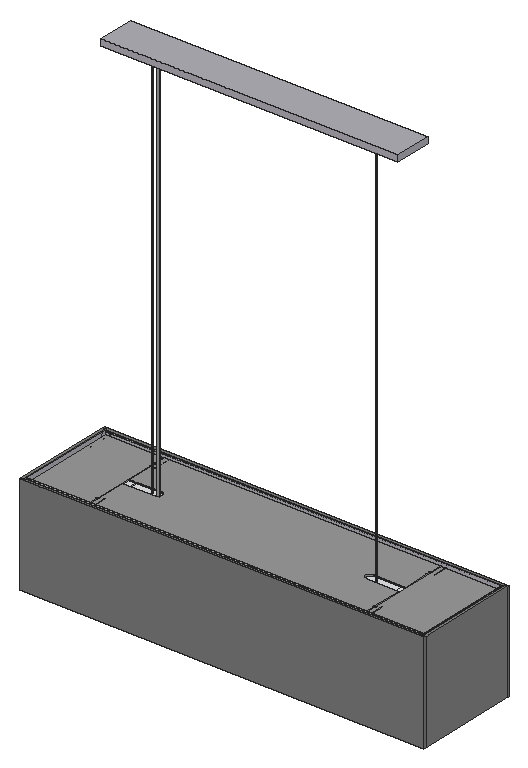
Revit family "Lighting - Lumetta - Pendant - P1248A", category Lighting Fixtures, host Ceiling, Revit 2015
Parameters
  Wattage = 12.1178 W
  built-in parameter 1150110 = 1 (stored number, unit not read)
  URL = "https://lumetta.com/luminaires/linear-acoustic-streamline-48-pendant/"
  built-in parameter 1114217 = 1 (stored number, unit not read)
  Top Lens-Material [instance] = Acrylic - 2447 - White
  Top Lens [instance] = yes
  built-in parameter 1150109 = 1 (stored number, unit not read)
  built-in parameter 1150134 = (empty or 0)
  Suspension [instance] = 1
  built-in parameter 1150113 = 1 (stored number, unit not read)
  P1248A URL [instance] = "https://lumetta.com/luminaires/linear-acoustic-streamline-48-pendant/"
  Model = "P1248A"  # constant formula
  Manufacturer = "Lumetta, Inc."  # constant formula
  Lumens = 1800 lm
  built-in parameter 1150115 = 1 (stored number, unit not read)
  built-in parameter 1150105 = 143.24 (stored number, unit not read)
  Light Source Symbol Size = 0' - 1"
  built-in parameter 1150137 = (empty or 0)
  built-in parameter 1150139 = (empty or 0)
  built-in parameter 1150112 = 1 (stored number, unit not read)
  built-in parameter 1150114 = 1 (stored number, unit not read)
  built-in parameter 1150132 = 2
  built-in parameter 1150102 = (empty or 0)
  built-in parameter 1150138 = (empty or 0)
  built-in parameter 1150107 = 3000 (stored number, unit not read)
  built-in parameter 1150106 = 1.4324 (stored number, unit not read)
  Frame Finish [instance] = Paint - Lumetta - F02 - PC_Chrome
  Fixture Drop [instance] = 4' - 0"
  Emit from Line Length = 2' - 10"
  built-in parameter 1150104 = 13.8 (stored number, unit not read)
  Dimming Lamp Color Temperature Shift = (empty or 0)
  Diffuser Material-Shade 2 [instance] = Shade - Lumetta - D802 - AC Marble
  Diffuser Material-Shade 1 [instance] = Shade - Lumetta - D811-AC-Periwinkle
  Description = "Linear Acoustic Streamline 48'' Pendant"  # constant formula
  Coupling-Stems over 60 inches [instance] = and([2 Stems], Fixture Drop > 5' 0")  # no
  Cord Color [instance] = Cord, Black
  Cone Nut-STD-2-3Wire [instance] = Suspension = 1  # yes
  Color Filter = 16777215
  Bushing-LED-4Wire [instance] = Suspension = 2  # no
  Bottom Lens-Material [instance] = Acrylic - P95 - Etched White
  Bottom Lens [instance] = yes
  built-in parameter 1114218 = 1 (stored number, unit not read)
  built-in parameter 1150133 = 10 (stored number, unit not read)
  2 Stems [instance] = Suspension = 3  # no
  1CRD-2CBL-LED-4Wire [instance] = or(Suspension = 1, Suspension = 2)  # yes
  1 CRD-2CBL-STD [instance] = or(Suspension = 1, Suspension = 2)  # yes
Reference planes (in)
  plane 1 "Light Source Axis (F/B)": y = 0
  plane 2 "Ceiling": z = 96.01773
  plane 3 "Light Source Axis (L/R)": x = 0
  plane 4 "Light Source Elevation": z = 45.39273
  plane 5 "Fixture-Top": z = 48.01773
  plane 6 "Fixture-Height": z = 36.01773
  plane 7 "Left-Wrap": x = -14.25
  plane 8 "Right-Wrap": x = 14.25
  plane 9 "Lamping Start": z = 47.38052
  plane 10 "Left Stem": x = -14.25
  plane 11 "Right Stem": x = 14.25
  plane 12: x = -12.75
  plane 13: x = 12.75
  plane 14 "Right XBar": x = 16.6875
  plane 15 "Left XBar": x = -16.6875
  plane 16 "Left Cable": x = -13.5
  plane 17 "Right Cable": x = 13.5
  plane 18 "Frame Length-Left": x = -24
  plane 19 "Frame Length-Right": x = 24
  plane 20 "Frame Width-TOP": y = 6
  plane 21 "Frame Width-BTM": y = -6
  plane 22 "Outer Frame-Left": x = -42
  plane 23 "Outer Frame-Right": x = 42
  plane 24 "Outer Frame-Top": y = 18
  plane 25 "Outer Frame-BTM": y = -18
Forms (in)
  Extrusion 1, solid, material "Paint - Lumetta - F02 - PC_Chrome" <- "Frame Finish"
    sketch origin (0, 0, 96.01773) x (1, 0, 0) y (0, 1, 0)
      loop
        line (-17.875, -2.25) -> (17.875, -2.25) -> (17.875, 2.25) -> (-17.875, 2.25) -> (-17.875, -2.25)
    from 0 to -0.75
  Extrusion 2, solid, material "Paint - Lumetta - F02 - PC_Chrome" <- "Frame Finish"
    sketch origin (0, 0, 48.01773) x (0, -1, 0) y (1, 0, 0)
      loop
        line (-6, -24) -> (6, -24) -> (6, 24) -> (-6, 24) -> (-6, -24)
      loop
        line (-5.5, -23.5) -> (5.5, -23.5) -> (5.5, 23.5) -> (-5.5, 23.5) -> (-5.5, -23.5)
    from 0 to -0.63721
  Extrusion 3, void
    sketch origin (0, 0, 48.01773) x (0, -1, 0) y (1, 0, 0)
      loop
        line (-5.875, -23.875) -> (5.875, -23.875) -> (5.875, 23.875) -> (-5.875, 23.875) -> (-5.875, -23.875)
      loop
        line (-5.5, -23.375) -> (5.5, -23.375) -> (5.5, 23.375) -> (-5.5, 23.375) -> (-5.5, -23.375)
    from 0 to -0.51221
  Extrusion 4, solid, material "Paint - Lumetta - F02 - PC_Chrome" <- "Frame Finish"
    sketch origin (0, 0, 36.01773) x (-1, 0, 0) y (0, -1, 0)
      loop
        line (24, -6) -> (24, 6) -> (-24, 6) -> (-24, -6) -> (24, -6)
      loop
        line (23.5, -5.5) -> (23.5, 5.5) -> (-23.5, 5.5) -> (-23.5, -5.5) -> (23.5, -5.5)
    from 0 to 0.61415
  Extrusion 5, void
    sketch origin (0, 0, 36.01773) x (-1, 0, 0) y (0, -1, 0)
      loop
        line (23.875, -5.875) -> (23.875, 5.875) -> (-23.875, 5.875) -> (-23.875, -5.875) -> (23.875, -5.875)
      loop
        line (23.375, -5.5) -> (23.375, 5.5) -> (-23.5, 5.5) -> (-23.5, -5.5) -> (23.375, -5.5)
    from 0.11313 to 0.64163
  Extrusion 6, solid, material "Paint - Lumetta - F02 - PC_Chrome" <- "Frame Finish"
    sketch origin (0, 0, 36.01773) x (0, -1, 0) y (1, 0, 0)
      loop
        line (-6, 24) -> (-6, 23.375) -> (-5.875, 23.375) -> (-5.875, 23.875) -> (-5.375, 23.875) -> (-5.375, 24) -> (-6, 24)
      loop
        line (-6, -24) -> (-5.375, -24) -> (-5.375, -23.875) -> (-5.875, -23.875) -> (-5.875, -23.375) -> (-6, -23.375) -> (-6, -24)
      loop
        line (6, -24) -> (6, -23.375) -> (5.875, -23.375) -> (5.875, -23.875) -> (5.375, -23.875) -> (5.375, -24) -> (6, -24)
      loop
        line (6, 24) -> (5.375, 24) -> (5.375, 23.875) -> (5.875, 23.875) -> (5.875, 23.375) -> (6, 23.375) -> (6, 24)
    from 0 to 12
  Extrusion 7, solid, material "Paint - Lumetta - F02 - PC_Chrome" <- "Frame Finish"
    sketch origin (0, 0, 48.01773) x (0, -1, 0) y (1, 0, 0)
      loop
        line (-3.7499, -17.1875) -> (-3.7499, -16.1875) -> (-5.9219, -16.1875) -> (-5.9219, -17.1875) -> (-3.7499, -17.1875)
      loop
        line (-3.7499, 17.1875) -> (-5.9219, 17.1875) -> (-5.9219, 16.1875) -> (-3.7499, 16.1875) -> (-3.7499, 17.1875)
      loop
        circle (-4.2499, -16.6875) r 0.10889
      loop
        circle (-4.2499, 16.6875) r 0.10785
      loop
        line (3.7499, -17.1875) -> (5.9219, -17.1875) -> (5.9219, -16.1875) -> (3.7499, -16.1875) -> (3.7499, -17.1875)
      loop
        line (3.7499, 17.1875) -> (3.7499, 16.1875) -> (5.9219, 16.1875) -> (5.9219, 17.1875) -> (3.7499, 17.1875)
      loop
        circle (4.2499, -16.6875) r 0.10889
      loop
        circle (4.2499, 16.6875) r 0.10785
    from -0.4375 to -0.5
  Extrusion 8, solid, material "Paint - Lumetta - F02 - PC_Chrome" <- "Frame Finish"
    sketch origin (0, 0, 96.01773) x (1, 0, 0) y (0, 1, 0)
      loop
        circle (-10, 0) r 0.31122
      loop
        circle (10, 0) r 0.31356
    from -0.8125 to -1.1875
  Extrusion 9, solid, material "Paint - Lumetta - F02 - PC_Chrome" <- "Frame Finish", visible <- "2 Stems"
    sketch origin (18, 0.5, 96.01773) x (1, 0, 0) y (0, 1, 0)
      loop
        line (-36, -2.875) -> (0, -2.875) -> (0, 1.875) -> (-36, 1.875) -> (-36, -2.875)
    from -0.8125 to -0.75
  Revolve 10, solid, material "Paint - Lumetta - F02 - PC_Chrome" <- "Frame Finish", visible <- "Cone Nut-STD-2-3Wire"
    sketch origin (0, 0, 0) x (1, 0, 0) y (0, 0, 1)
      loop
        line (-12.75, 95.20523) -> (-12.75, 94.70523) -> (-12.46878, 94.70523) -> (-12.37659, 95.20523) -> (-12.75, 95.20523)
      axis (-12.75, 94.70523) -> (-12.75, 95.20523)
    angle from 0 to 360
  Extrusion 11, solid, material "Paint - Lumetta - F11 - PC_White"
    sketch origin (0, 0, 24.01773) x (0, -1, 0) y (1, 0, 0)
      loop
        line (-4.88315, -17.3125) -> (4.86685, -17.3125) -> (4.86685, -16.0625) -> (-4.88315, -16.0625) -> (-4.88315, -17.3125)
      loop
        line (-4.88315, 16.0625) -> (4.86685, 16.0625) -> (4.86685, 17.3125) -> (-4.88315, 17.3125) -> (-4.88315, 16.0625)
      loop
        circle (-4.25033, -16.6875) r 0.10889
      loop
        circle (4.25033, -16.6875) r 0.10889
      loop
        circle (4.2499, 16.6875) r 0.10785
      loop
        circle (-4.2499, 14.25) r 0.10785
    from 23.36279 to 23.24028
  Extrusion 12, solid, material "Paint - Lumetta - F11 - PC_White"
    sketch origin (0, 0, 47.38052) x (-1, 0, 0) y (0, -1, 0)
      loop
        line (18.1875, -1.54) -> (18.1875, 1.54) -> (-18.1875, 1.54) -> (-18.1875, -1.54) -> (18.1875, -1.54)
    from -0.1225 to -1.375
  Extrusion 13, solid, material "Cord, Black" <- "Cord Color", visible <- "1 CRD-2CBL-STD"
    sketch origin (0, 0, 96.01773) x (1, 0, 0) y (0, 1, 0)
      loop
        circle (-12.75, 0) r 0.1566
    from -0.75 to -48.63721
  Extrusion 14, solid, material "Steel, Galvanized", visible <- "1 CRD-2CBL-STD"
    sketch origin (0, 0, 96.01773) x (1, 0, 0) y (0, 1, 0)
      loop
        circle (-13.5, 0) r 0.03252
      loop
        circle (13.5, 0) r 0.03265
    from -0.75 to -48.63721
  Extrusion 15, solid, material "Paint - Lumetta - F02 - PC_Chrome" <- "Frame Finish", visible <- "2 Stems"
    sketch origin (0, 0, 96.01773) x (1, 0, 0) y (0, 1, 0)
      loop
        circle (-14.25, 0) r 0.25
      loop
        circle (14.25, 0) r 0.25
    from 0 to -48.63721
  Revolve 16, solid, material "Paint - Lumetta - F02 - PC_Chrome" <- "Frame Finish", visible <- "2 Stems"
    sketch origin (0, 0, 0) x (1, 0, 0) y (0, 0, 1)
      loop
        line (-14.25, 95.04898) -> (-13.95148, 95.04898)
        arc (-13.95148, 95.04898) -> (-13.71866, 95.4096) -> (-13.64788, 95.83298) r 1.06037
        line (-13.64788, 95.83298) -> (-14.25, 95.83298) -> (-14.25, 95.04898)
      axis (-14.25, 95.04898) -> (-14.25, 95.83298)
    angle from 0 to 360
  Revolve 17, solid, material "Paint - Lumetta - F02 - PC_Chrome" <- "Frame Finish", visible <- "Coupling-Stems over 60 inches"
    sketch origin (0, 0, 0) x (1, 0, 0) y (0, 0, 1)
      loop
        line (-14.25, 108.01773) -> (-13.95764, 108.01773)
        arc (-13.95764, 108.01773) -> (-13.90786, 108.0585) -> (-13.93801, 108.11534) r 0.05078
        arc (-13.93801, 108.11534) -> (-13.90686, 108.28335) -> (-13.93801, 108.45137) r 0.46875
        arc (-13.93801, 108.45137) -> (-13.90786, 108.50821) -> (-13.95764, 108.54898) r 0.05078
        line (-13.95764, 108.54898) -> (-14.25, 108.54898) -> (-14.25, 108.01773)
      axis (-14.25, 108.54898) -> (-14.25, 108.01773)
    angle from 0 to 360
  Revolve 18, solid, material "Paint - Lumetta - F02 - PC_Chrome" <- "Frame Finish", visible <- "Coupling-Stems over 60 inches"
    sketch origin (0, 0, 0) x (-1, 0, 0) y (0, 0, 1)
      loop
        line (-14.25, 108.01773) -> (-13.9562, 108.01773)
        arc (-13.9562, 108.01773) -> (-13.90642, 108.0585) -> (-13.93657, 108.11534) r 0.05078
        arc (-13.93657, 108.11534) -> (-13.90542, 108.28335) -> (-13.93657, 108.45137) r 0.46875
        arc (-13.93657, 108.45137) -> (-13.90642, 108.50821) -> (-13.9562, 108.54898) r 0.05078
        line (-13.9562, 108.54898) -> (-14.25, 108.54898) -> (-14.25, 108.01773)
      axis (-14.25, 108.54898) -> (-14.25, 108.01773)
    angle from 0 to 360
  Revolve 19, solid, material "Paint - Lumetta - F02 - PC_Chrome" <- "Frame Finish", visible <- "2 Stems"
    sketch origin (0, 0, 0) x (-1, 0, 0) y (0, 0, 1)
      loop
        line (-14.25, 95.04898) -> (-13.95148, 95.04898)
        arc (-13.95148, 95.04898) -> (-13.70187, 95.31397) -> (-13.64788, 95.67398) r 0.60938
        line (-13.64788, 95.67398) -> (-14.25, 95.67398) -> (-14.25, 95.04898)
      axis (-14.25, 95.04898) -> (-14.25, 95.67398)
    angle from 0 to 360
  Extrusion 20, solid, material "Paint - Lumetta - F02 - PC_Chrome" <- "Frame Finish", visible <- "Bushing-LED-4Wire"
    sketch origin (0, 0, 96.01773) x (1, 0, 0) y (0, 1, 0)
      loop
        circle (-12.75, 0) r 0.37341
      loop
        circle (-12.75, 0) r 0.25
    from -0.91406 to -0.8125
  Extrusion 21, solid, material "Acrylic - 2447 - White" <- "Top Lens-Material", visible <- "Top Lens"
    sketch origin (0, 0, 48.01773) x (0, -1, 0) y (1, 0, 0)
      loop
        line (-5.75, -23.75) -> (5.75, -23.75) -> (5.75, -16.75) -> (4.42172, -16.75)
        arc (4.42172, -16.75) -> (4.25, -16.87024) -> (4.07828, -16.75) r 0.18274
        line (4.07828, -16.75) -> (-4.07828, -16.75)
        arc (-4.07828, -16.75) -> (-4.25, -16.87024) -> (-4.42172, -16.75) r 0.18274
        line (-4.42172, -16.75) -> (-5.75, -16.75) -> (-5.75, -23.75)
      loop
        line (-5.75, -16.625) -> (-4.42172, -16.625)
        arc (-4.42172, -16.625) -> (-4.25, -16.50476) -> (-4.07828, -16.625) r 0.18274
        line (-4.07828, -16.625) -> (-0.5, -16.625) -> (-0.5, -12.75)
        arc (-0.5, -12.75) -> (0, -12.25) -> (0.5, -12.75) r 0.5
        line (0.5, -12.75) -> (0.5, -16.625) -> (4.07828, -16.625)
        arc (4.07828, -16.625) -> (4.25, -16.50476) -> (4.42172, -16.625) r 0.18274
        line (4.42172, -16.625) -> (5.75, -16.625) -> (5.75, 16.625) -> (4.42172, 16.625)
        arc (4.42172, 16.625) -> (4.25, 16.50476) -> (4.07828, 16.625) r 0.18274
        line (4.07828, 16.625) -> (0.5, 16.625) -> (0.5, 12.75)
        arc (0.5, 12.75) -> (0, 12.25) -> (-0.5, 12.75) r 0.5
        line (-0.5, 12.75) -> (-0.5, 16.625) -> (-4.07828, 16.625)
        arc (-4.07828, 16.625) -> (-4.25, 16.50476) -> (-4.42172, 16.625) r 0.18274
        line (-4.42172, 16.625) -> (-5.75, 16.625) -> (-5.75, -16.625)
      loop
        line (-5.75, 23.75) -> (-5.75, 16.75) -> (-4.42172, 16.75)
        arc (-4.42172, 16.75) -> (-4.25, 16.87024) -> (-4.07828, 16.75) r 0.18274
        line (-4.07828, 16.75) -> (4.07828, 16.75)
        arc (4.07828, 16.75) -> (4.25, 16.87024) -> (4.42172, 16.75) r 0.18274
        line (4.42172, 16.75) -> (5.75, 16.75) -> (5.75, 23.75) -> (-5.75, 23.75)
    from -0.51221 to -0.38301
  Extrusion 22, solid, material "Acrylic - P95 - Etched White" <- "Bottom Lens-Material", visible <- "Bottom Lens"
    sketch origin (0, 0, 36.01773) x (-1, 0, 0) y (0, -1, 0)
      loop
        line (23.75, -5.75) -> (23.75, 5.75) -> (-23.75, 5.75) -> (-23.75, -5.75) -> (23.75, -5.75)
    from 0.0625 to 0.1875
  Extrusion 23, solid, material "Shade - Lumetta - D811-AC-Periwinkle" <- "Diffuser Material-Shade 1"
    sketch origin (0, 0, 48.01773) x (0, -1, 0) y (1, 0, 0)
      loop
        line (-6.375, -24.375) -> (-6.1875, -24.375) -> (-6.1875, -24) -> (-6, -24) -> (-6, 24) -> (-6.1875, 24) -> (-6.1875, 24.375) -> (-6.375, 24.375) -> (-6.375, -24.375)
      loop
        line (6.375, -24.375) -> (6.375, 24.375) -> (6.1875, 24.375) -> (6.1875, 24) -> (6, 24) -> (6, -24) -> (6.1875, -24) -> (6.1875, -24.375) -> (6.375, -24.375)
    from -12 to 0
  Extrusion 24, solid, material "Shade - Lumetta - D802 - AC Marble" <- "Diffuser Material-Shade 2"
    sketch origin (0, 0, 48.01773) x (0, -1, 0) y (1, 0, 0)
      loop
        line (-6.1875, -24.375) -> (6.1875, -24.375) -> (6.1875, -24) -> (-6.1875, -24) -> (-6.1875, -24.375)
      loop
        line (-6.1875, 24.375) -> (-6.1875, 24) -> (6.1875, 24) -> (6.1875, 24.375) -> (-6.1875, 24.375)
    from -12 to 0
Cuts and joins
  Extrusion 3, Extrusion 5 cuts Extrusion 2
  Extrusion 5 cuts Extrusion 4
Dimensions and locks (in)
  equal spacing: host sketch curve, plane 3 "Light Source Axis (L/R)", host sketch curve
  equal spacing: host sketch curve, plane 1 "Light Source Axis (F/B)", host sketch curve
  host sketch curve to host sketch curve = 10' - 0"  (x2)
  locked: plane 5 "Fixture-Top" to plane 4 "Light Source Elevation" at 2.625
  "Fixture Drop": plane 2 "Ceiling" to plane 5 "Fixture-Top"
  plane 5 "Fixture-Top" to plane 6 "Fixture-Height" = 1' - 0"
  locked: Extrusion 9 to Revolve 10 sketch curve at 0.5
  locked: Extrusion 11 sketch curve to Extrusion 11 sketch curve at 1.25  (x2)
  plane 1 "Light Source Axis (F/B)" to Extrusion 11 sketch curve = 0' - 4.88315"
  Extrusion 11 sketch curve to Extrusion 11 sketch curve = 0' - 9 3/4"
  locked: imposter light to Extrusion 12 sketch curve at 1.54
  locked: plane 1 "Light Source Axis (F/B)" to Extrusion 12 sketch curve at 1.54
  locked: Extrusion 9 to Revolve 16 sketch curve at 0.15625
  Revolve 17 sketch curve to level = 9' - 0.01773"
  locked: Revolve 17 sketch curve to Revolve 17 sketch curve at 0.53125
  locked: Revolve 17 sketch curve to Revolve 17 sketch curve at 0.26563
  locked: Revolve 17 sketch curve to Revolve 17 sketch curve at 0.05078  (x2)
  locked: Revolve 18 sketch curve to Revolve 18 sketch curve at 0.53125
  locked: Revolve 18 sketch curve to Revolve 18 sketch curve at 0.26563
  locked: Revolve 18 sketch curve to Revolve 18 sketch curve at 0.05078  (x2)
  locked: Extrusion 20 sketch curve to plane 3 "Light Source Axis (L/R)" at 12.75  (x2)
  locked: Revolve 18 sketch curve to plane 5 "Fixture-Top" at 60
  locked: Revolve 17 sketch curve to plane 5 "Fixture-Top" at 60
  plane 5 "Fixture-Top" to plane 9 "Lamping Start" = 0' - 0.63721"
  locked: plane 9 "Lamping Start" to Extrusion 12 at 1.375
  locked: cut or joined group of Extrusion 4, Extrusion 5 to plane 6 "Fixture-Height" at 0.11313
  locked: cut or joined group of Extrusion 4, Extrusion 5 to plane 6 "Fixture-Height" at 0.61415
  cut or joined group of Extrusion 2, Extrusion 3, Extrusion 5 to plane 9 "Lamping Start" = 0' - 0 1/8"
  locked: Extrusion 21 to cut or joined group of Extrusion 2, Extrusion 3, Extrusion 5 at 0.1292
  equal spacing: Extrusion 14 sketch curve, plane 3 "Light Source Axis (L/R)", Extrusion 14 sketch curve
  plane 3 "Light Source Axis (L/R)" to Revolve 10 sketch curve = 1' - 0 3/4"
  equal spacing: Extrusion 8 sketch curve, plane 3 "Light Source Axis (L/R)", Extrusion 8 sketch curve
  Extrusion 8 sketch curve to Extrusion 8 sketch curve = 1' - 8"
  equal spacing: Extrusion 21 sketch curve, plane 3 "Light Source Axis (L/R)", Extrusion 21 sketch curve
  locked: Extrusion 13 sketch curve to plane 3 "Light Source Axis (L/R)" at 12.75
  plane 3 "Light Source Axis (L/R)" to Extrusion 15 sketch curve = 1' - 2 1/4"
  plane 3 "Light Source Axis (L/R)" to Revolve 18 sketch curve = 1' - 2 1/4"
  locked: Revolve 16 sketch curve to plane 10 "Left Stem" at 0
  locked: Revolve 16 sketch curve to Revolve 16 sketch curve at 0.45748
  locked: plane 11 "Right Stem" to Revolve 19 sketch curve at 0  (x2)
  locked: Revolve 19 sketch curve to plane 11 "Right Stem" at 0
  locked: Revolve 17 sketch curve to plane 10 "Left Stem" at 0  (x2)
  locked: Revolve 17 sketch curve to plane 10 "Left Stem" at 0.29236  (x2)
  locked: plane 10 "Left Stem" to Revolve 17 sketch curve at 0.12561
  locked: Revolve 18 sketch curve to plane 11 "Right Stem" at 0  (x2)
  locked: plane 11 "Right Stem" to Revolve 18 sketch curve at 0.2938  (x2)
  locked: Revolve 18 sketch curve to plane 11 "Right Stem" at 0.12417
  locked: plane 12 to Revolve 10 sketch curve at 0
  Revolve 10 sketch curve to plane 12 = 0' - 0"
  locked: Revolve 10 sketch curve to plane 12 at 0.37341
  locked: Revolve 10 sketch curve to plane 12 at 0.28122
  locked: plane 3 "Light Source Axis (L/R)" to plane 12 at 12.75
  equal spacing: plane 13, plane 3 "Light Source Axis (L/R)", plane 12
  locked: Extrusion 21 sketch curve to plane 3 "Light Source Axis (L/R)" at 12.75
  locked: plane 9 "Lamping Start" to Extrusion 12 at 0.1225
  equal spacing: plane 15 "Left XBar", plane 3 "Light Source Axis (L/R)", plane 14 "Right XBar"
  locked: plane 15 "Left XBar" to plane 14 "Right XBar" at 33.375
  equal spacing: plane 16 "Left Cable", plane 3 "Light Source Axis (L/R)", plane 17 "Right Cable"
  locked: plane 16 "Left Cable" to plane 17 "Right Cable" at 27
  locked: Extrusion 14 sketch curve to plane 16 "Left Cable" at 0
  equal spacing: plane 7 "Left-Wrap", plane 3 "Light Source Axis (L/R)", plane 8 "Right-Wrap"
  plane 7 "Left-Wrap" to plane 8 "Right-Wrap" = 2' - 4 1/2"
  equal spacing: plane 10 "Left Stem", plane 3 "Light Source Axis (L/R)", plane 11 "Right Stem"
  locked: plane 10 "Left Stem" to plane 11 "Right Stem" at 28.5
  equal spacing: plane 18 "Frame Length-Left", plane 3 "Light Source Axis (L/R)", plane 19 "Frame Length-Right"
  locked: plane 18 "Frame Length-Left" to plane 19 "Frame Length-Right" at 48
  equal spacing: plane 20 "Frame Width-TOP", plane 1 "Light Source Axis (F/B)", plane 21 "Frame Width-BTM"
  locked: plane 20 "Frame Width-TOP" to plane 21 "Frame Width-BTM" at 12
  equal spacing: plane 22 "Outer Frame-Left", plane 3 "Light Source Axis (L/R)", plane 23 "Outer Frame-Right"
  equal spacing: plane 25 "Outer Frame-BTM", plane 1 "Light Source Axis (F/B)", plane 24 "Outer Frame-Top"
  locked: plane 22 "Outer Frame-Left" to plane 23 "Outer Frame-Right" at 84
  locked: plane 24 "Outer Frame-Top" to plane 25 "Outer Frame-BTM" at 36
  locked: Extrusion 6 sketch curve to plane 18 "Frame Length-Left" at 0  (x2)
  locked: Extrusion 6 sketch curve to plane 20 "Frame Width-TOP" at 0  (x2)
  locked: Extrusion 6 sketch curve to plane 21 "Frame Width-BTM" at 0  (x2)
  locked: Extrusion 6 sketch curve to plane 19 "Frame Length-Right" at 0  (x2)
  locked: Extrusion 6 sketch curve to plane 19 "Frame Length-Right" at 0.625  (x2)
  locked: Extrusion 6 sketch curve to plane 20 "Frame Width-TOP" at 0.625
  locked: Extrusion 6 sketch curve to plane 21 "Frame Width-BTM" at 0.625
  locked: plane 18 "Frame Length-Left" to Extrusion 6 sketch curve at 0.625  (x2)
  locked: plane 20 "Frame Width-TOP" to Extrusion 6 sketch curve at 0.625
  locked: plane 21 "Frame Width-BTM" to Extrusion 6 sketch curve at 0.625
  locked: plane 19 "Frame Length-Right" to Extrusion 2 sketch curve
  locked: Extrusion 2 sketch curve to plane 20 "Frame Width-TOP" at 0
  locked: Extrusion 2 sketch curve to plane 21 "Frame Width-BTM" at 0
  locked: plane 18 "Frame Length-Left" to Extrusion 5 sketch curve at 0.125
  locked: Extrusion 5 sketch curve to Extrusion 5 sketch curve at 0.5
  locked: Extrusion 5 sketch curve to plane 19 "Frame Length-Right" at 0.125
  locked: Extrusion 5 sketch curve to plane 19 "Frame Length-Right" at 0.5
  locked: plane 18 "Frame Length-Left" to Extrusion 2 sketch curve
  locked: Extrusion 2 sketch curve to Extrusion 2 sketch curve at 0.5
  locked: plane 18 "Frame Length-Left" to Extrusion 3 sketch curve at 0.125
  locked: Extrusion 3 sketch curve to Extrusion 3 sketch curve at 0.5  (x2)
  locked: Extrusion 3 sketch curve to plane 19 "Frame Length-Right" at 0.125
  locked: plane 18 "Frame Length-Left" to Extrusion 4 sketch curve
  locked: Extrusion 4 sketch curve to Extrusion 4 sketch curve at 0.5  (x2)
  locked: Extrusion 4 sketch curve to plane 19 "Frame Length-Right"
  locked: Extrusion 22 sketch curve to plane 19 "Frame Length-Right" at 0.25
  locked: Extrusion 22 sketch curve to plane 20 "Frame Width-TOP" at 0.25
  locked: Extrusion 22 sketch curve to plane 21 "Frame Width-BTM" at 0.25
  locked: plane 18 "Frame Length-Left" to Extrusion 22 sketch curve at 0.25
  locked: plane 18 "Frame Length-Left" to Extrusion 21 sketch curve at 0.25
  locked: Extrusion 21 sketch curve to plane 20 "Frame Width-TOP" at 0.25  (x2)
  locked: Extrusion 21 sketch curve to plane 21 "Frame Width-BTM" at 0.25  (x2)
  locked: plane 20 "Frame Width-TOP" to Extrusion 21 sketch curve at 0.25
  locked: plane 21 "Frame Width-BTM" to Extrusion 21 sketch curve at 0.25
  locked: Extrusion 21 sketch curve to plane 19 "Frame Length-Right" at 0.25
  equal spacing: Extrusion 9 sketch curve, plane 1 "Light Source Axis (F/B)", Extrusion 9 sketch curve
  equal spacing: Extrusion 9 sketch curve, plane 3 "Light Source Axis (L/R)", Extrusion 9 sketch curve
  locked: Extrusion 9 sketch curve to Extrusion 9 sketch curve at 36
  locked: Extrusion 9 sketch curve to Extrusion 9 sketch curve at 4.75
  locked: Extrusion 9 to Extrusion 1 sketch curve at 0.125  (x3)
  locked: Extrusion 1 sketch curve to Extrusion 9 at 0.125
  locked: Extrusion 7 sketch curve to Extrusion 7 sketch curve at 2.172  (x4)
  locked: Extrusion 7 sketch curve to Extrusion 7 sketch curve at 0.5  (x4)
  locked: Extrusion 7 sketch curve to plane 15 "Left XBar" at 0  (x2)
  locked: Extrusion 7 sketch curve to plane 14 "Right XBar" at 0  (x2)
  equal spacing: Extrusion 7 sketch curve, plane 15 "Left XBar", Extrusion 7 sketch curve  (x2)
  equal spacing: Extrusion 7 sketch curve, plane 14 "Right XBar", Extrusion 7 sketch curve  (x2)
  locked: Extrusion 7 sketch curve to plane 15 "Left XBar" at 0.5  (x2)
  locked: plane 14 "Right XBar" to Extrusion 7 sketch curve at 0.5  (x2)
  locked: Extrusion 7 sketch curve to plane 20 "Frame Width-TOP" at 0.0781
  locked: plane 21 "Frame Width-BTM" to Extrusion 7 sketch curve at 0.0781
  locked: Extrusion 7 sketch curve to plane 21 "Frame Width-BTM" at 0.0781
  locked: plane 20 "Frame Width-TOP" to Extrusion 7 sketch curve at 0.0781
  locked: Extrusion 11 sketch curve to plane 20 "Frame Width-TOP" at 1.11685  (x2)
  locked: Extrusion 11 sketch curve to plane 21 "Frame Width-BTM" at 1.13315  (x2)
  Extrusion 11 sketch curve to Extrusion 11 sketch curve = 0' - 0.61695"
  locked: Extrusion 11 sketch curve to plane 15 "Left XBar" at 0  (x2)
  locked: Extrusion 11 sketch curve to plane 14 "Right XBar" at 0
  locked: Extrusion 6 to plane 6 "Fixture-Height" at 0
  locked: Extrusion 15 sketch curve to plane 10 "Left Stem"
  locked: plane 11 "Right Stem" to Extrusion 15 sketch curve
  Extrusion 21 sketch curve to Extrusion 21 sketch curve = 0' - 8 1/2"  (x4)
  equal spacing: Extrusion 21 sketch curve, plane 1 "Light Source Axis (F/B)", Extrusion 21 sketch curve  (x3)
  equal spacing: Extrusion 21 sketch curve, imposter light, Extrusion 21 sketch curve
  equal spacing: Extrusion 11 sketch curve, plane 1 "Light Source Axis (F/B)", Extrusion 11 sketch curve
  locked: Extrusion 11 sketch curve to Extrusion 11 sketch curve at 0.63325
  equal spacing: Extrusion 11 sketch curve, imposter light, Extrusion 11 sketch curve
  locked: Extrusion 11 sketch curve to Extrusion 11 sketch curve at 0.63281
  equal spacing: Extrusion 11 sketch curve, plane 14 "Right XBar", Extrusion 11 sketch curve
  equal spacing: Extrusion 11 sketch curve, plane 15 "Left XBar", Extrusion 11 sketch curve
  locked: Extrusion 12 sketch curve to plane 15 "Left XBar" at 1.5
  locked: plane 14 "Right XBar" to Extrusion 12 sketch curve at 1.5
  locked: Extrusion 23 sketch curve to Extrusion 23 sketch curve at 0.1875  (x4)
  locked: Extrusion 23 sketch curve to Extrusion 23 sketch curve at 0.375  (x4)
  locked: Extrusion 23 sketch curve to plane 18 "Frame Length-Left"
  locked: plane 19 "Frame Length-Right" to Extrusion 23 sketch curve
  locked: Extrusion 23 sketch curve to plane 20 "Frame Width-TOP" at 0
  locked: plane 20 "Frame Width-TOP" to Extrusion 23 sketch curve at 0.375
  aligned and locked: plane 3 "Light Source Axis (L/R)" to imposter light
  aligned and locked: plane 1 "Light Source Axis (F/B)" to imposter light
  aligned and locked: plane 4 "Light Source Elevation" to imposter light
  aligned and locked: Extrusion 13 to Extrusion 1
  aligned and locked: plane 2 "Ceiling" to Extrusion 15
  aligned and locked: Extrusion 13 to plane 9 "Lamping Start"
  aligned and locked: Extrusion 14 to plane 9 "Lamping Start"
  aligned and locked: Extrusion 15 to Extrusion 13
  aligned and locked: Extrusion 4 to plane 6 "Fixture-Height"
  aligned and locked: cut or joined group of Extrusion 2, Extrusion 3, Extrusion 5 to Extrusion 5 sketch curve  (x2)
  aligned and locked: cut or joined group of Extrusion 2, Extrusion 3, Extrusion 5 to Extrusion 21
  aligned and locked: Extrusion 2 to plane 9 "Lamping Start"
  aligned and locked: Extrusion 11 to Extrusion 12
  aligned and locked: Extrusion 11 to cut or joined group of Extrusion 2, Extrusion 3, Extrusion 5
  aligned and locked: Extrusion 6 to plane 5 "Fixture-Top"
  aligned and locked: Extrusion 23 to plane 5 "Fixture-Top"
  aligned and locked: Extrusion 23 to cut or joined group of Extrusion 4, Extrusion 5
  aligned and locked: Extrusion 24 to plane 5 "Fixture-Top"
  aligned and locked: Extrusion 24 to cut or joined group of Extrusion 4, Extrusion 5
Automatic sketch dimensions
  plane 1 "Light Source Axis (F/B)" to Extrusion 13 sketch curve = 0' - 0"
  plane 1 "Light Source Axis (F/B)" to Extrusion 14 sketch curve = 0' - 0"  (x2)
  plane 1 "Light Source Axis (F/B)" to Extrusion 15 sketch curve = 0' - 0"  (x2)
  Extrusion 20 sketch curve to Extrusion 20 sketch curve = 0' - 0"
  plane 1 "Light Source Axis (F/B)" to Extrusion 20 sketch curve = 0' - 0"
  Extrusion 6 sketch curve to plane 20 "Frame Width-TOP" = 0' - 0 1/8"  (x2)
  plane 21 "Frame Width-BTM" to Extrusion 6 sketch curve = 0' - 0 1/8"  (x2)
  plane 18 "Frame Length-Left" to Extrusion 6 sketch curve = 0' - 0 1/8"  (x2)
  Extrusion 6 sketch curve to plane 19 "Frame Length-Right" = 0' - 0 1/8"
  Extrusion 6 sketch curve to Extrusion 6 sketch curve = 0' - 0 1/8"
  Extrusion 2 sketch curve to plane 20 "Frame Width-TOP" = 0' - 0 1/2"
  plane 21 "Frame Width-BTM" to Extrusion 2 sketch curve = 0' - 0 1/2"
  Extrusion 2 sketch curve to plane 19 "Frame Length-Right" = 0' - 0 1/2"
  Extrusion 3 sketch curve to plane 20 "Frame Width-TOP" = 0' - 0 1/8"
  Extrusion 3 sketch curve to plane 20 "Frame Width-TOP" = 0' - 0 1/2"
  plane 21 "Frame Width-BTM" to Extrusion 3 sketch curve = 0' - 0 1/2"
  plane 21 "Frame Width-BTM" to Extrusion 3 sketch curve = 0' - 0 1/8"
  Extrusion 4 sketch curve to plane 20 "Frame Width-TOP" = 0' - 0"
  Extrusion 4 sketch curve to plane 21 "Frame Width-BTM" = 0' - 0"
  Extrusion 4 sketch curve to plane 20 "Frame Width-TOP" = 0' - 0 1/2"
  plane 21 "Frame Width-BTM" to Extrusion 4 sketch curve = 0' - 0 1/2"
  Extrusion 21 sketch curve to Extrusion 21 sketch curve = 0' - 0"  (x9)
  Extrusion 21 sketch curve to plane 15 "Left XBar" = 0' - 0"  (x2)
  Extrusion 21 sketch curve to plane 14 "Right XBar" = 0' - 0"  (x2)
  plane 1 "Light Source Axis (F/B)" to Extrusion 21 sketch curve = 0' - 0"  (x2)
  Extrusion 21 sketch curve to plane 14 "Right XBar" = 0' - 0 1/16"  (x4)
  Extrusion 21 sketch curve to plane 1 "Light Source Axis (F/B)" = 0' - 0 1/2"  (x2)
  plane 15 "Left XBar" to Extrusion 21 sketch curve = 0' - 0 1/16"  (x4)
  Extrusion 21 sketch curve to plane 15 "Left XBar" = 0' - 0 1/16"  (x3)
  Extrusion 21 sketch curve to Extrusion 21 sketch curve = 0' - 0.17172"  (x4)
  plane 14 "Right XBar" to Extrusion 21 sketch curve = 0' - 0 1/16"  (x2)
  Extrusion 11 sketch curve to plane 8 "Right-Wrap" = 0' - 0"
  plane 1 "Light Source Axis (F/B)" to Extrusion 8 sketch curve = 0' - 0"  (x2)
  Extrusion 5 sketch curve to plane 20 "Frame Width-TOP" = 0' - 0 1/8"
  plane 21 "Frame Width-BTM" to Extrusion 5 sketch curve = 0' - 0 1/8"
  Revolve 10 sketch curve to Revolve 10 sketch curve = 0' - 0 1/2"
  Revolve 10 sketch curve to Revolve 10 sketch curve = 0' - 0"
  plane 2 "Ceiling" to Revolve 10 sketch curve = 0' - 2 11/16"
  Revolve 16 sketch curve to plane 7 "Left-Wrap" = 0' - 0"
  Revolve 16 sketch curve to plane 7 "Left-Wrap" = 0' - 0.29852"
  Revolve 16 sketch curve to plane 16 "Left Cable" = 0' - 0.14788"
  Revolve 16 sketch curve to plane 2 "Ceiling" = 0' - 0.2252"
  Revolve 16 sketch curve to Revolve 16 sketch curve = 1' - 1 19/32"
  plane 2 "Ceiling" to Revolve 16 sketch curve = 0' - 2 15/16"
  Revolve 17 sketch curve to Revolve 17 sketch curve = 0' - 0.01964"
  plane 2 "Ceiling" to Revolve 17 sketch curve = 0' - 4 17/32"
  Revolve 17 sketch curve to Revolve 17 sketch curve = 0' - 0"
  Revolve 18 sketch curve to Revolve 18 sketch curve = 0' - 0.01964"
  Revolve 18 sketch curve to plane 2 "Ceiling" = 0' - 4 17/32"
  Revolve 18 sketch curve to Revolve 18 sketch curve = 0' - 0"
  plane 8 "Right-Wrap" to Revolve 19 sketch curve = 0' - 0.29852"
  Revolve 19 sketch curve to plane 17 "Right Cable" = 0' - 0.14788"
  plane 2 "Ceiling" to Revolve 19 sketch curve = 0' - 0 31/32"
  plane 2 "Ceiling" to Revolve 19 sketch curve = 0' - 0 7/16"
  Revolve 19 sketch curve to plane 2 "Ceiling" = 0' - 0.53351"
  Revolve 19 sketch curve to Revolve 19 sketch curve = 0' - 2.40399"
  Extrusion 23 sketch curve to plane 18 "Frame Length-Left" = 0' - 0"
  Extrusion 23 sketch curve to plane 21 "Frame Width-BTM" = 0' - 0"
  Extrusion 23 sketch curve to plane 19 "Frame Length-Right" = 0' - 0"
  Extrusion 23 sketch curve to plane 21 "Frame Width-BTM" = 0' - 0 3/16"
  Extrusion 24 sketch curve to plane 18 "Frame Length-Left" = 0' - 0"
  Extrusion 24 sketch curve to plane 19 "Frame Length-Right" = 0' - 0"
  plane 20 "Frame Width-TOP" to Extrusion 24 sketch curve = 0' - 0 3/16"  (x2)
  Extrusion 24 sketch curve to plane 21 "Frame Width-BTM" = 0' - 0 3/16"  (x2)
  Extrusion 24 sketch curve to Extrusion 24 sketch curve = 0' - 0 3/8"
  plane 19 "Frame Length-Right" to Extrusion 24 sketch curve = 0' - 0 3/8"
  radius of Extrusion 7 sketch curve = 0' - 0.10889"  (x2)
  radius of Extrusion 7 sketch curve = 0' - 0.10785"  (x2)
  radius of Extrusion 13 sketch curve = 0' - 0.1566"
  radius of Extrusion 14 sketch curve = 0' - 0.03252"
  radius of Extrusion 14 sketch curve = 0' - 0.03265"
  radius of Extrusion 15 sketch curve = 0' - 0 1/4"  (x2)
  radius of Extrusion 20 sketch curve = 0' - 0.37341"
  radius of Extrusion 20 sketch curve = 0' - 0 1/4"
  radius of Extrusion 11 sketch curve = 0' - 0.10889"  (x2)
  radius of Extrusion 11 sketch curve = 0' - 0.10785"  (x2)
  radius of Extrusion 8 sketch curve = 0' - 0.31122"
  radius of Extrusion 8 sketch curve = 0' - 0.31356"
